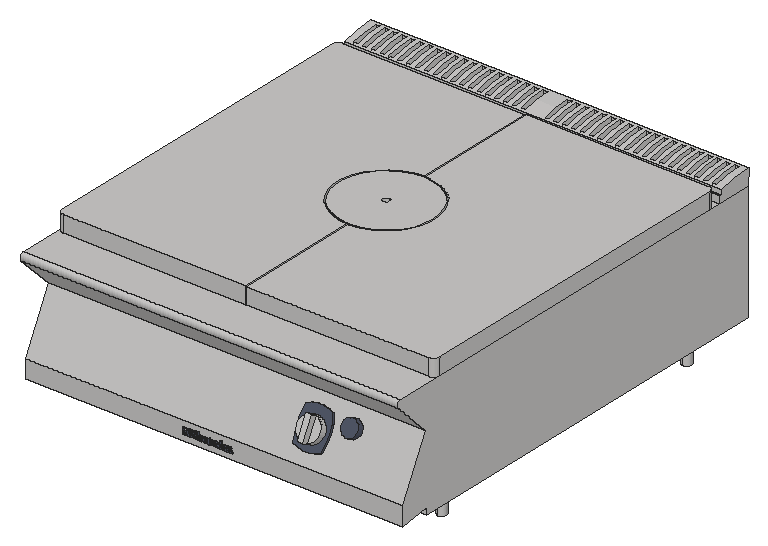
Revit family "QF_ELECTROLUXPROFESSIONAL_391018_E9STGH1000", category Specialty Equipment, Revit 2018
Family settings
  Round Connector Dimension = Use Diameter
  Part Type = Normal
  Work Plane-Based = No
  Always vertical = Yes
  Cut with Voids When Loaded = No
  Shared = No
  Room Calculation Point = No
Parameters
  Width = 800 mm  # constant formula
  Weight in Pounds = 92  # constant formula
  Watts = 0 W
  URL Cutsheet = "www.electrolux.com"
  URL = "www.electrolux.com"
  Type Mark [instance] = ""
  Status [instance] = ""
  Specification by User [instance] = ""
  Specification by Manufacturer = ""
  Show Logo [instance] = yes
  Show Clearance [instance] = yes
  Serial Number = ""
  Seismic Rating = ""
  SMACNA No = ""
  Revision Code [instance] = ""
  Omniclass Number and Title = ""
  NAFEM Spec ID Number = ""
  Model = "391018"
  Mechanical Remarks [instance] = ""
  Mechanical Connection Type [instance] = ""
  Masterspec = ""
  Manufacturer = "ELECTROLUX"
  Item Number [instance] = ""
  Installed By [instance] = ""
  Identify Quantity as Lot [instance] = yes
  Height = 250.8 mm  # constant formula
  HP = "0 HP"
  Gas Size = 12.7 mm  # 1/2"
  Gas RI Height [instance] = 0 mm
  Gas KW [instance] = 10.5  # constant formula
  Gas Input [instance] = 35794.5 Btu/h
  Gas Connection Height = 0 mm
  Furnished By [instance] = ""
  Foodservice Equipment Identifier [instance] = yes
  Direct Waste Size = 0"
  Description = "900XP GAS SOLID TOP - LPG/NATURAL GAS"
  Depth = 730 mm  # constant formula
  CSI MasterFormat = ""
  CSI Master Format = ""
  Assembly Code = ""
Reference planes
  plane 1 "BACK": y = 0
  plane 2: z = 0
  plane 3 "LEFT": x = 0
  plane 4 "RIGHT": x = 800
  plane 5 "FRONT": y = -930
  plane 6 "TOP": z = 303.188
  plane 7 "Center Y": x = 400
  plane 8 "Center X": y = -465
  plane 9 "Base Height": z = 23.813
  plane 10: z = 273.813
  plane 11: z = 309
  plane 12: y = -90
  plane 13: y = -831
  plane 14: y = -664
Forms (mm)
  Extrusion 1, solid, material "QF_Finishes_Stainless Steel"
    sketch origin (0, 0, 0) x (0, 1, 0) y (0, 0, 1)
      loop
        line (0, 23.813) -> (0, 273.813) -> (-921.5, 273.813)
        arc (-921.5, 273.813) -> (-929.472, 268.485) -> (-927.602, 259.081) r 8.63
        line (-927.602, 259.081) -> (-854.039, 185.518) -> (-915.962, 68.584) -> (-915.962, 30.163) -> (-855.839, 38.612)
        arc (-855.839, 38.612) -> (-853.314, 37.864) -> (-852.222, 35.468) r 3.175
        line (-852.222, 35.468) -> (-852.222, 23.813) -> (0, 23.813)
    from 0 to 800
  Extrusion 2, solid, material "QF_Finishes_Stainless Steel"
    sketch origin (0, 0, 0) x (0, 1, 0) y (0, 0, 1)
      loop
        line (0, 273.813) -> (0, 288.9) -> (-76.2, 288.9) -> (-76.2, 273.813) -> (0, 273.813)
    from 0 to 800
  Extrusion 3, solid, material "QF_Finishes_Stainless Steel"
    sketch origin (0, 0, 0) x (1, 0, 0) y (0, 1, 0)
      loop
        circle (11.112, -149.225) r 9.525
      loop
        circle (788.888, -149.225) r 9.525
      loop
        circle (11.112, -798.488) r 9.525
      loop
        circle (788.888, -798.488) r 9.525
    from 0 to 23.812
  Extrusion 4, solid, material "QF_Finishes_Stainless Steel"
    sketch origin (0, 0, 273.813) x (0, -1, 0) y (1, 0, 0)
      loop
        arc (90, 12.7) -> (93.72, 3.72) -> (102.7, 0) r 12.7
        line (102.7, 0) -> (818.3, 0)
        arc (818.3, 0) -> (827.28, 3.72) -> (831, 12.7) r 12.7
        line (831, 12.7) -> (831, 398.413) -> (563.181, 398.413)
        arc (563.181, 398.413) -> (459.918, 297.117) -> (356.811, 398.571) r 103.201
        line (356.811, 398.571) -> (90, 398.571) -> (90, 12.7)
      loop
        arc (831, 787.3) -> (827.28, 796.28) -> (818.3, 800) r 12.7
        line (818.3, 800) -> (102.7, 800)
        arc (102.7, 800) -> (93.72, 796.28) -> (90, 787.3) r 12.7
        line (90, 787.3) -> (90, 401.528) -> (356.813, 401.528)
        arc (356.813, 401.528) -> (460.121, 503.083) -> (563.194, 401.289) r 103.202
        line (563.194, 401.289) -> (831, 401.289) -> (831, 787.3)
      loop
        circle (460, 400) r 100
      loop
        circle (460, 400) r 7
    from 0 to 35.188
  Extrusion 5, void
    sketch origin (34.989, 0, 288.925) x (-1, 0, 0) y (0, -1, 0)
      loop
        line (-335.017, 6.761) -> (-335.017, 63.911) -> (-344.313, 63.911) -> (-344.313, 6.761) -> (-335.017, 6.761)
      loop
        line (-316.325, 6.761) -> (-316.325, 63.911) -> (-325.62, 63.911) -> (-325.62, 6.761) -> (-316.325, 6.761)
      loop
        line (-297.632, 6.761) -> (-297.632, 63.911) -> (-306.928, 63.911) -> (-306.928, 6.761) -> (-297.632, 6.761)
      loop
        line (-278.94, 6.761) -> (-278.94, 63.911) -> (-288.235, 63.911) -> (-288.235, 6.761) -> (-278.94, 6.761)
      loop
        line (-260.247, 6.761) -> (-260.247, 63.911) -> (-269.543, 63.911) -> (-269.543, 6.761) -> (-260.247, 6.761)
      loop
        line (-241.554, 6.761) -> (-241.554, 63.911) -> (-250.85, 63.911) -> (-250.85, 6.761) -> (-241.554, 6.761)
      loop
        line (-222.862, 6.761) -> (-222.862, 63.911) -> (-232.157, 63.911) -> (-232.157, 6.761) -> (-222.862, 6.761)
      loop
        line (-204.169, 6.761) -> (-204.169, 63.911) -> (-213.465, 63.911) -> (-213.465, 6.761) -> (-204.169, 6.761)
      loop
        line (-185.476, 6.761) -> (-185.476, 63.911) -> (-194.772, 63.911) -> (-194.772, 6.761) -> (-185.476, 6.761)
      loop
        line (-166.784, 6.761) -> (-166.784, 63.911) -> (-176.08, 63.911) -> (-176.08, 6.761) -> (-166.784, 6.761)
      loop
        line (-148.091, 6.761) -> (-148.091, 63.911) -> (-157.387, 63.911) -> (-157.387, 6.761) -> (-148.091, 6.761)
      loop
        line (-129.399, 6.761) -> (-129.399, 63.911) -> (-138.694, 63.911) -> (-138.694, 6.761) -> (-129.399, 6.761)
      loop
        line (-110.706, 6.761) -> (-110.706, 63.911) -> (-120.002, 63.911) -> (-120.002, 6.761) -> (-110.706, 6.761)
      loop
        line (-92.013, 6.761) -> (-92.013, 63.911) -> (-101.309, 63.911) -> (-101.309, 6.761) -> (-92.013, 6.761)
      loop
        line (-73.321, 6.761) -> (-73.321, 63.911) -> (-82.617, 63.911) -> (-82.617, 6.761) -> (-73.321, 6.761)
      loop
        line (-54.628, 6.761) -> (-54.628, 63.911) -> (-63.924, 63.911) -> (-63.924, 6.761) -> (-54.628, 6.761)
      loop
        line (-35.936, 6.761) -> (-35.936, 63.911) -> (-45.231, 63.911) -> (-45.231, 6.761) -> (-35.936, 6.761)
      loop
        line (-17.243, 6.761) -> (-17.243, 63.911) -> (-26.539, 63.911) -> (-26.539, 6.761) -> (-17.243, 6.761)
      loop
        line (1.45, 6.761) -> (1.45, 63.911) -> (-7.846, 63.911) -> (-7.846, 6.761) -> (1.45, 6.761)
      loop
        line (20.142, 6.761) -> (20.142, 63.911) -> (10.846, 63.911) -> (10.846, 6.761) -> (20.142, 6.761)
      loop
        line (-395.005, 6.761) -> (-385.709, 6.761) -> (-385.709, 63.911) -> (-395.005, 63.911) -> (-395.005, 6.761)
      loop
        line (-413.697, 6.761) -> (-404.401, 6.761) -> (-404.401, 63.911) -> (-413.697, 63.911) -> (-413.697, 6.761)
      loop
        line (-432.39, 6.761) -> (-423.094, 6.761) -> (-423.094, 63.911) -> (-432.39, 63.911) -> (-432.39, 6.761)
      loop
        line (-451.082, 6.761) -> (-441.787, 6.761) -> (-441.787, 63.911) -> (-451.082, 63.911) -> (-451.082, 6.761)
      loop
        line (-469.775, 6.761) -> (-460.479, 6.761) -> (-460.479, 63.911) -> (-469.775, 63.911) -> (-469.775, 6.761)
      loop
        line (-488.468, 6.761) -> (-479.172, 6.761) -> (-479.172, 63.911) -> (-488.468, 63.911) -> (-488.468, 6.761)
      loop
        line (-507.16, 6.761) -> (-497.864, 6.761) -> (-497.864, 63.911) -> (-507.16, 63.911) -> (-507.16, 6.761)
      loop
        line (-525.853, 6.761) -> (-516.557, 6.761) -> (-516.557, 63.911) -> (-525.853, 63.911) -> (-525.853, 6.761)
      loop
        line (-544.545, 6.761) -> (-535.25, 6.761) -> (-535.25, 63.911) -> (-544.545, 63.911) -> (-544.545, 6.761)
      loop
        line (-563.238, 6.761) -> (-553.942, 6.761) -> (-553.942, 63.911) -> (-563.238, 63.911) -> (-563.238, 6.761)
      loop
        line (-581.931, 6.761) -> (-572.635, 6.761) -> (-572.635, 63.911) -> (-581.931, 63.911) -> (-581.931, 6.761)
      loop
        line (-600.623, 6.761) -> (-591.328, 6.761) -> (-591.328, 63.911) -> (-600.623, 63.911) -> (-600.623, 6.761)
      loop
        line (-619.316, 6.761) -> (-610.02, 6.761) -> (-610.02, 63.911) -> (-619.316, 63.911) -> (-619.316, 6.761)
      loop
        line (-638.008, 6.761) -> (-628.713, 6.761) -> (-628.713, 63.911) -> (-638.008, 63.911) -> (-638.008, 6.761)
      loop
        line (-656.701, 6.761) -> (-647.405, 6.761) -> (-647.405, 63.911) -> (-656.701, 63.911) -> (-656.701, 6.761)
      loop
        line (-675.394, 6.761) -> (-666.098, 6.761) -> (-666.098, 63.911) -> (-675.394, 63.911) -> (-675.394, 6.761)
      loop
        line (-694.086, 6.761) -> (-684.791, 6.761) -> (-684.791, 63.911) -> (-694.086, 63.911) -> (-694.086, 6.761)
      loop
        line (-712.779, 6.761) -> (-703.483, 6.761) -> (-703.483, 63.911) -> (-712.779, 63.911) -> (-712.779, 6.761)
      loop
        line (-731.472, 6.761) -> (-722.176, 6.761) -> (-722.176, 63.911) -> (-731.472, 63.911) -> (-731.472, 6.761)
      loop
        line (-750.164, 6.761) -> (-740.868, 6.761) -> (-740.868, 63.911) -> (-750.164, 63.911) -> (-750.164, 6.761)
    from 4.268 to 45.348
  Extrusion 6, solid, material "QF_Finishes_Stainless Steel"
    sketch origin (0, 0, 14.288) x (0, 1, 0) y (0, 0, 1)
      loop
        line (0, 274.613) -> (0, 294.713)
        arc (0, 294.713) -> (-35.344, 292.192) -> (-69.85, 284.137) r 224.293
        line (-69.85, 284.137) -> (-69.85, 274.613) -> (0, 274.613)
    from 0 to 800
  Extrusion 7, solid, material "QF_Finishes_Navy Blue", visible <- "Show Logo"
    sketch origin (0, -915.962, 30.163) x (0, 0, 1) y (-1, 0, 0)
      loop
        line (26.177, -343.947) -> (13.81, -343.947)
        arc (13.81, -343.947) -> (19.993, -348.518) -> (26.177, -343.947) r 6.467
      loop
        arc (26.177, -343.318) -> (25.008, -338.175) -> (20.352, -335.697) r 6.338
        line (20.352, -335.697) -> (20.352, -337.743)
        arc (20.352, -337.743) -> (21.836, -341.398) -> (25.281, -343.318) r 5.941
        line (25.281, -343.318) -> (26.177, -343.318)
      loop
        arc (14.706, -343.318) -> (18.151, -341.398) -> (19.635, -337.743) r 5.941
        line (19.635, -337.743) -> (19.635, -335.697)
        arc (19.635, -335.697) -> (14.941, -338.171) -> (13.651, -343.318) r 6.504
        line (13.651, -343.318) -> (14.706, -343.318)
      loop
        line (26.852, -335.228) -> (13.107, -335.228) -> (13.107, -348.991) -> (26.852, -348.991) -> (26.852, -335.228)
      loop
        arc (26.935, -351.958) -> (26.587, -351.601) -> (26.221, -351.939) r 0.358
        arc (26.221, -351.939) -> (25.906, -352.689) -> (25.189, -353.074) r 1.216
        line (25.189, -353.074) -> (14.777, -353.074)
        arc (14.777, -353.074) -> (14.117, -352.796) -> (13.721, -352.2) r 1.238
        arc (13.721, -352.2) -> (13.326, -351.949) -> (13.021, -352.303) r 0.358
        line (13.021, -352.303) -> (13.021, -362.182) -> (15.772, -362.182) -> (15.772, -361.285)
        arc (15.772, -361.285) -> (14.862, -360.705) -> (14.407, -359.728) r 1.928
        line (14.407, -359.728) -> (14.407, -357.229)
        arc (14.407, -357.229) -> (14.682, -356.5) -> (15.371, -356.136) r 1.101
        line (15.371, -356.136) -> (19.457, -356.136) -> (19.457, -359.809)
        arc (19.457, -359.809) -> (19.105, -360.307) -> (18.54, -360.534) r 1.083
        arc (18.54, -360.534) -> (18.276, -360.84) -> (18.568, -361.118) r 0.292
        line (18.568, -361.118) -> (21.53, -361.118)
        arc (21.53, -361.118) -> (21.833, -360.845) -> (21.595, -360.515) r 0.305
        arc (21.595, -360.515) -> (21.104, -360.267) -> (20.799, -359.809) r 1.083
        line (20.799, -359.809) -> (20.799, -356.136) -> (25.476, -356.136) -> (25.476, -359.883)
        arc (25.476, -359.883) -> (25.262, -360.639) -> (24.656, -361.137) r 1.314
        arc (24.656, -361.137) -> (24.436, -361.541) -> (24.791, -361.833) r 0.361
        line (24.791, -361.833) -> (26.935, -361.833) -> (26.935, -351.958)
      loop
        arc (26.218, -362.614) -> (25.837, -363.533) -> (24.919, -363.913) r 1.299
        line (24.919, -363.913) -> (15.34, -363.913)
        arc (15.34, -363.913) -> (14.502, -363.535) -> (14.23, -362.657) r 1.118
        line (14.23, -362.657) -> (13.021, -362.657) -> (13.021, -368.007) -> (14.209, -368.007)
        arc (14.209, -368.007) -> (14.481, -367.09) -> (15.351, -366.694) r 1.153
        line (15.351, -366.694) -> (27.423, -366.694) -> (26.218, -362.614)
      loop
        line (17.986, -370.643) -> (17.986, -377.091) -> (18.785, -377.091)
        arc (18.785, -377.091) -> (21.365, -376.106) -> (22.634, -373.652) r 3.874
        line (22.634, -373.652) -> (22.634, -371.892)
        arc (22.634, -371.892) -> (21.447, -369.027) -> (18.583, -367.841) r 4.051
        line (18.583, -367.841) -> (16.575, -367.841)
        arc (16.575, -367.841) -> (13.756, -369.326) -> (12.704, -372.333) r 4.352
        arc (12.704, -372.333) -> (13.069, -374.796) -> (14.446, -376.87) r 5.713
        line (14.446, -376.87) -> (15.395, -376.87)
        arc (15.395, -376.87) -> (14.663, -375.301) -> (14.446, -373.583) r 5.579
        arc (14.446, -373.583) -> (15.24, -371.62) -> (17.119, -370.643) r 3.057
        line (17.119, -370.643) -> (17.986, -370.643)
      loop
        line (19.245, -370.643) -> (19.245, -374.225)
        arc (19.245, -374.225) -> (20.702, -374.272) -> (21.585, -373.113) r 1.59
        line (21.585, -373.113) -> (21.585, -372.283)
        arc (21.585, -372.283) -> (20.72, -371.028) -> (19.245, -370.643) r 2.184
      loop
        arc (22.036, -386.508) -> (22.525, -384.834) -> (22.682, -383.097) r 9.023
        line (22.682, -383.097) -> (22.682, -381.735)
        arc (22.682, -381.735) -> (21.523, -378.935) -> (18.723, -377.776) r 3.959
        line (18.723, -377.776) -> (16.123, -377.776)
        arc (16.123, -377.776) -> (13.841, -379.068) -> (12.724, -381.441) r 4.331
        line (12.724, -381.441) -> (12.724, -383.576)
        arc (12.724, -383.576) -> (13.232, -385.126) -> (14.153, -386.472) r 5.772
        arc (14.153, -386.472) -> (14.915, -386.523) -> (15.002, -385.764) r 0.553
        arc (15.002, -385.764) -> (14.614, -385.03) -> (14.48, -384.211) r 2.573
        line (14.48, -384.211) -> (14.48, -382.696)
        arc (14.48, -382.696) -> (15.486, -381.054) -> (17.301, -380.412) r 2.884
        line (17.301, -380.412) -> (18.579, -380.412)
        arc (18.579, -380.412) -> (20.401, -380.972) -> (21.327, -382.637) r 2.554
        line (21.327, -382.637) -> (21.327, -383.69)
        arc (21.327, -383.69) -> (20.996, -384.618) -> (20.339, -385.353) r 2.564
        arc (20.339, -385.353) -> (20.117, -386.07) -> (20.726, -386.508) r 0.643
        line (20.726, -386.508) -> (22.036, -386.508)
      loop
        line (21.017, -386.778) -> (21.017, -388.279) -> (14.97, -388.279)
        arc (14.97, -388.279) -> (13.381, -388.937) -> (12.724, -390.525) r 2.246
        line (12.724, -390.525) -> (12.724, -392.109)
        arc (12.724, -392.109) -> (13.038, -392.973) -> (13.538, -393.745) r 4.06
        arc (13.538, -393.745) -> (14.271, -393.878) -> (14.522, -393.177) r 0.576
        arc (14.522, -393.177) -> (14.416, -392.651) -> (14.48, -392.119) r 1.69
        arc (14.48, -392.119) -> (15.021, -391.331) -> (15.928, -391.028) r 1.506
        line (15.928, -391.028) -> (21.066, -391.028) -> (21.066, -393.425) -> (21.622, -393.981) -> (22.444, -393.981) -> (22.444, -391.122) -> (25.675, -391.122) -> (21.017, -386.778)
      loop
        line (12.941, -394.879) -> (12.941, -400.266) -> (14.051, -400.266)
        arc (14.051, -400.266) -> (14.445, -399.315) -> (15.396, -398.921) r 1.345
        line (15.396, -398.921) -> (19.012, -398.921)
        arc (19.012, -398.921) -> (19.777, -399.513) -> (20.066, -400.435) r 1.615
        line (20.066, -400.435) -> (20.066, -401.991) -> (22.622, -402.676) -> (22.622, -401.293) -> (20.679, -398.734) -> (22.56, -398.734) -> (22.276, -396.028)
        arc (22.276, -396.028) -> (21.836, -395.498) -> (21.177, -395.699) r 0.621
        arc (21.177, -395.699) -> (20.777, -396.041) -> (20.283, -396.224) r 1.501
        line (20.283, -396.224) -> (15.396, -396.224)
        arc (15.396, -396.224) -> (14.445, -395.83) -> (14.051, -394.879) r 1.345
        line (14.051, -394.879) -> (12.941, -394.879)
      loop
        line (19.043, -402.213) -> (16.351, -402.213)
        arc (16.351, -402.213) -> (13.905, -403.521) -> (12.772, -406.051) r 4.288
        arc (12.772, -406.051) -> (12.708, -407.432) -> (12.772, -408.812) r 15.022
        arc (12.772, -408.812) -> (13.905, -411.343) -> (16.351, -412.65) r 4.288
        line (16.351, -412.65) -> (19.043, -412.65)
        arc (19.043, -412.65) -> (21.488, -411.343) -> (22.622, -408.812) r 4.288
        arc (22.622, -408.812) -> (22.686, -407.432) -> (22.622, -406.051) r 15.022
        arc (22.622, -406.051) -> (21.488, -403.521) -> (19.043, -402.213) r 4.288
      loop
        line (19.248, -405.327) -> (16.146, -405.327)
        arc (16.146, -405.327) -> (13.989, -407.484) -> (16.146, -409.641) r 2.157
        line (16.146, -409.641) -> (19.248, -409.641)
        arc (19.248, -409.641) -> (21.405, -407.484) -> (19.248, -405.327) r 2.157
      loop
        arc (26.229, -412.508) -> (25.858, -413.402) -> (24.964, -413.773) r 1.264
        line (24.964, -413.773) -> (15.1, -413.773)
        arc (15.1, -413.773) -> (14.23, -413.376) -> (13.958, -412.46) r 1.153
        line (13.958, -412.46) -> (13.021, -412.46) -> (13.021, -417.568) -> (13.949, -417.568)
        arc (13.949, -417.568) -> (14.308, -416.796) -> (15.1, -416.481) r 1.153
        line (15.1, -416.481) -> (27.423, -416.481) -> (26.229, -412.508)
      loop
        arc (21.349, -417.106) -> (21.15, -418.17) -> (20.181, -418.652) r 1.215
        line (20.181, -418.652) -> (15.161, -418.652)
        arc (15.161, -418.652) -> (13.546, -419.299) -> (12.825, -420.882) r 2.338
        line (12.825, -420.882) -> (12.825, -422.397)
        arc (12.825, -422.397) -> (13, -423.401) -> (13.502, -424.287) r 2.979
        line (13.502, -424.287) -> (13.021, -426.084) -> (13.021, -427.772) -> (22.446, -427.772) -> (22.152, -423.569) -> (21.366, -423.569)
        arc (21.366, -423.569) -> (21.01, -424.405) -> (20.258, -424.914) r 1.605
        line (20.258, -424.914) -> (15.155, -424.914)
        arc (15.155, -424.914) -> (14.735, -423.977) -> (14.662, -422.953) r 2.94
        arc (14.662, -422.953) -> (15.223, -421.852) -> (16.376, -421.409) r 1.724
        line (16.376, -421.409) -> (22.573, -421.409) -> (21.349, -417.106)
      loop
        line (22.377, -428.626) -> (20.705, -430.672) -> (17.531, -432.978) -> (14.075, -429.866)
        arc (14.075, -429.866) -> (13.837, -429.472) -> (13.86, -429.013) r 0.789
        line (13.86, -429.013) -> (13.021, -429.013) -> (13.021, -432.558) -> (13.847, -432.558)
        arc (13.847, -432.558) -> (14.189, -432.196) -> (14.679, -432.288) r 0.52
        line (14.679, -432.288) -> (16.479, -433.759) -> (14.361, -435.135)
        arc (14.361, -435.135) -> (13.96, -434.825) -> (13.873, -434.325) r 0.7
        line (13.873, -434.325) -> (13.021, -434.325) -> (13.021, -440.252) -> (13.907, -440.252)
        arc (13.907, -440.252) -> (13.974, -439.593) -> (14.369, -439.062) r 1.247
        line (14.369, -439.062) -> (18.569, -435.781) -> (21.016, -437.834) -> (22.377, -439.576) -> (22.377, -435.852) -> (20.892, -436.275) -> (19.371, -434.998) -> (21.071, -433.808) -> (22.377, -434.584) -> (22.377, -428.626)
    from 0 to 1.644
  Extrusion 8, solid, material "QF_Finishes_Navy Blue"
    sketch origin (0, -854.039, 185.518) x (0, -0.467993, -0.883732) y (1, 0, 0)
      loop
        arc (29.283, 558.214) -> (64.531, 552.935) -> (99.866, 557.596) r 127.782
        arc (99.866, 557.596) -> (106.766, 586.784) -> (99.866, 615.972) r 65.183
        arc (99.866, 615.972) -> (64.482, 622.659) -> (29.283, 615.066) r 90.797
        arc (29.283, 615.066) -> (22.72, 586.64) -> (29.283, 558.214) r 64.846
    from 0 to 3.175
  Extrusion 9, solid, material "QF_Finishes_Stainless Steel"
    sketch origin (0, -856.845, 187.004) x (0, -0.467993, -0.883732) y (1, 0, 0)
      loop
        circle (66.843, 587.162) r 25.4
    from 0 to 12.7
  Extrusion 10, solid, material "QF_Finishes_Stainless Steel"
    sketch origin (0, -868.068, 192.947) x (0, -0.467993, -0.883732) y (1, 0, 0)
      loop
        arc (91.575, 581.376) -> (92.243, 587.162) -> (91.575, 592.948) r 25.4
        line (91.575, 592.948) -> (42.111, 592.948)
        arc (42.111, 592.948) -> (41.443, 587.162) -> (42.111, 581.376) r 25.4
        line (42.111, 581.376) -> (91.575, 581.376)
    from 0 to 12.7
  Extrusion 11, solid, material "QF_Finishes_Navy Blue"
    sketch origin (0, -854.039, 185.518) x (0, -0.467993, -0.883732) y (1, 0, 0)
      loop
        circle (41.434, 662.183) r 17.78
    from 0 to 12.7
  Extrusion 12, solid, material "QF_Clearances", visible <- "Show Clearance", detail levels coarse
    sketch origin (0, 0, 0) x (1, 0, 0) y (0, 1, 0)
      loop
        line (0, -930) -> (0, 0) -> (800, 0) -> (800, -930) -> (900, -930) -> (900, 100) -> (-100, 100) -> (-100, -930) -> (0, -930)
    from 0 to 331.787
  Extrusion 13, solid
    sketch origin (0, -852.222, 23.813) x (1, 0, 0) y (0, -1, 0)
      loop
        circle (748, -188.222) r 6.4
    from 0 to 20
Cuts and joins
  Extrusion 5 cuts Extrusion 1
  Extrusion 5 cuts Extrusion 6
  joined: Extrusion 2, Extrusion 6
Lines and regions (mm)
  symbolic lines
    curve 1: line (0, -930.129, 0) -> (800, -930.129, 0)
    curve 2: line (0, 0, 0) -> (0, -930.129, 0)
    curve 3: line (800, 0, 0) -> (0, 0, 0)
    curve 4: line (800, -930.129, 0) -> (800, 0, 0)
    curve 5: arc (787.3, -831, 0) -> (796.28, -827.28, 0) -> (800, -818.3, 0) r 12.7
    curve 6: line (800, -818.3, 0) -> (800, -102.7, 0)
    curve 7: arc (800, -102.7, 0) -> (796.28, -93.72, 0) -> (787.3, -90, 0) r 12.7
    curve 8: line (787.3, -90, 0) -> (401.528, -90, 0)
    curve 9: line (401.528, -90, 0) -> (401.528, -356.813, 0)
    curve 10: arc (401.528, -356.813, 0) -> (503.083, -460.121, 0) -> (401.289, -563.194, 0) r 103.202
    curve 11: line (401.289, -563.194, 0) -> (401.289, -831, 0)
    curve 12: line (401.289, -831, 0) -> (787.3, -831, 0)
    curve 13: arc (400, -560, 0) -> (500, -460, 0) -> (400, -360, 0) r 100
    curve 14: arc (400, -360, 0) -> (300, -460, 0) -> (400, -560, 0) r 100
    curve 15: arc (398.413, -563.181, 0) -> (297.117, -459.918, 0) -> (398.571, -356.811, 0) r 103.201
    curve 16: line (398.571, -356.811, 0) -> (398.571, -90, 0)
    curve 17: line (398.571, -90, 0) -> (12.7, -90, 0)
    curve 18: arc (12.7, -90, 0) -> (3.72, -93.72, 0) -> (0, -102.7, 0) r 12.7
    curve 19: line (0, -102.7, 0) -> (0, -818.3, 0)
    curve 20: arc (0, -818.3, 0) -> (3.72, -827.28, 0) -> (12.7, -831, 0) r 12.7
    curve 21: line (12.7, -831, 0) -> (398.413, -831, 0)
    curve 22: line (398.413, -831, 0) -> (398.413, -563.181, 0)
    curve 23: arc (400, -453, 0) -> (407, -460, 0) -> (400, -467, 0) r 7
    curve 24: arc (400, -467, 0) -> (393, -460, 0) -> (400, -453, 0) r 7
    curve 25: line (0, -76.2, 0) -> (800, -76.2, 0)
    curve 26: line (0, -69.85, 0) -> (800, -69.85, 0)
    curve 27: line (14.847, -63.911, 0) -> (14.847, -6.761, 0)
    curve 28: line (14.847, -6.761, 0) -> (24.143, -6.761, 0)
    curve 29: line (24.143, -6.761, 0) -> (24.143, -63.911, 0)
    curve 30: line (24.143, -63.911, 0) -> (14.847, -63.911, 0)
    curve 31: line (33.539, -63.911, 0) -> (33.539, -6.761, 0)
    curve 32: line (33.539, -6.761, 0) -> (42.835, -6.761, 0)
    curve 33: line (42.835, -6.761, 0) -> (42.835, -63.911, 0)
    curve 34: line (42.835, -63.911, 0) -> (33.539, -63.911, 0)
    curve 35: line (52.232, -63.911, 0) -> (52.232, -6.761, 0)
    curve 36: line (52.232, -6.761, 0) -> (61.528, -6.761, 0)
    curve 37: line (61.528, -6.761, 0) -> (61.528, -63.911, 0)
    curve 38: line (61.528, -63.911, 0) -> (52.232, -63.911, 0)
    curve 39: line (70.925, -63.911, 0) -> (70.925, -6.761, 0)
    curve 40: line (70.925, -6.761, 0) -> (80.22, -6.761, 0)
    curve 41: line (80.22, -6.761, 0) -> (80.22, -63.911, 0)
    curve 42: line (80.22, -63.911, 0) -> (70.925, -63.911, 0)
    curve 43: line (89.617, -63.911, 0) -> (89.617, -6.761, 0)
    curve 44: line (89.617, -6.761, 0) -> (98.913, -6.761, 0)
    curve 45: line (98.913, -6.761, 0) -> (98.913, -63.911, 0)
    curve 46: line (98.913, -63.911, 0) -> (89.617, -63.911, 0)
    curve 47: line (108.31, -63.911, 0) -> (108.31, -6.761, 0)
    curve 48: line (108.31, -6.761, 0) -> (117.606, -6.761, 0)
    curve 49: line (117.606, -6.761, 0) -> (117.606, -63.911, 0)
    curve 50: line (117.606, -63.911, 0) -> (108.31, -63.911, 0)
    curve 51: line (127.002, -63.911, 0) -> (127.002, -6.761, 0)
    curve 52: line (127.002, -6.761, 0) -> (136.298, -6.761, 0)
    curve 53: line (136.298, -6.761, 0) -> (136.298, -63.911, 0)
    curve 54: line (136.298, -63.911, 0) -> (127.002, -63.911, 0)
    curve 55: line (145.695, -63.911, 0) -> (145.695, -6.761, 0)
    curve 56: line (145.695, -6.761, 0) -> (154.991, -6.761, 0)
    curve 57: line (154.991, -6.761, 0) -> (154.991, -63.911, 0)
    curve 58: line (154.991, -63.911, 0) -> (145.695, -63.911, 0)
    curve 59: line (164.388, -63.911, 0) -> (164.388, -6.761, 0)
    curve 60: line (164.388, -6.761, 0) -> (173.683, -6.761, 0)
    curve 61: line (173.683, -6.761, 0) -> (173.683, -63.911, 0)
    curve 62: line (173.683, -63.911, 0) -> (164.388, -63.911, 0)
    curve 63: line (183.08, -63.911, 0) -> (183.08, -6.761, 0)
    curve 64: line (183.08, -6.761, 0) -> (192.376, -6.761, 0)
    curve 65: line (192.376, -6.761, 0) -> (192.376, -63.911, 0)
    curve 66: line (192.376, -63.911, 0) -> (183.08, -63.911, 0)
    curve 67: line (201.773, -63.911, 0) -> (201.773, -6.761, 0)
    curve 68: line (201.773, -6.761, 0) -> (211.069, -6.761, 0)
    curve 69: line (211.069, -6.761, 0) -> (211.069, -63.911, 0)
    curve 70: line (211.069, -63.911, 0) -> (201.773, -63.911, 0)
    curve 71: line (220.466, -63.911, 0) -> (220.466, -6.761, 0)
    curve 72: line (220.466, -6.761, 0) -> (229.761, -6.761, 0)
    curve 73: line (229.761, -6.761, 0) -> (229.761, -63.911, 0)
    curve 74: line (229.761, -63.911, 0) -> (220.466, -63.911, 0)
    curve 75: line (239.158, -63.911, 0) -> (239.158, -6.761, 0)
    curve 76: line (239.158, -6.761, 0) -> (248.454, -6.761, 0)
    curve 77: line (248.454, -6.761, 0) -> (248.454, -63.911, 0)
    curve 78: line (248.454, -63.911, 0) -> (239.158, -63.911, 0)
    curve 79: line (420.698, -63.911, 0) -> (420.698, -6.761, 0)
    curve 80: line (420.698, -6.761, 0) -> (429.994, -6.761, 0)
    curve 81: line (429.994, -6.761, 0) -> (429.994, -63.911, 0)
    curve 82: line (429.994, -63.911, 0) -> (420.698, -63.911, 0)
    curve 83: line (370.006, -63.911, 0) -> (370.006, -6.761, 0)
    curve 84: line (370.006, -6.761, 0) -> (379.302, -6.761, 0)
    curve 85: line (379.302, -6.761, 0) -> (379.302, -63.911, 0)
    curve 86: line (379.302, -63.911, 0) -> (370.006, -63.911, 0)
    curve 87: line (351.314, -63.911, 0) -> (351.314, -6.761, 0)
    curve 88: line (351.314, -6.761, 0) -> (360.61, -6.761, 0)
    curve 89: line (360.61, -6.761, 0) -> (360.61, -63.911, 0)
    curve 90: line (360.61, -63.911, 0) -> (351.314, -63.911, 0)
    curve 91: line (332.621, -63.911, 0) -> (332.621, -6.761, 0)
    curve 92: line (332.621, -6.761, 0) -> (341.917, -6.761, 0)
    curve 93: line (341.917, -6.761, 0) -> (341.917, -63.911, 0)
    curve 94: line (341.917, -63.911, 0) -> (332.621, -63.911, 0)
    curve 95: line (313.929, -63.911, 0) -> (313.929, -6.761, 0)
    curve 96: line (313.929, -6.761, 0) -> (323.224, -6.761, 0)
    curve 97: line (323.224, -6.761, 0) -> (323.224, -63.911, 0)
    curve 98: line (323.224, -63.911, 0) -> (313.929, -63.911, 0)
    curve 99: line (295.236, -63.911, 0) -> (295.236, -6.761, 0)
    curve 100: line (295.236, -6.761, 0) -> (304.532, -6.761, 0)
    curve 101: line (304.532, -6.761, 0) -> (304.532, -63.911, 0)
    curve 102: line (304.532, -63.911, 0) -> (295.236, -63.911, 0)
    curve 103: line (276.543, -63.911, 0) -> (276.543, -6.761, 0)
    curve 104: line (276.543, -6.761, 0) -> (285.839, -6.761, 0)
    curve 105: line (285.839, -6.761, 0) -> (285.839, -63.911, 0)
    curve 106: line (285.839, -63.911, 0) -> (276.543, -63.911, 0)
    curve 107: line (257.851, -63.911, 0) -> (257.851, -6.761, 0)
    curve 108: line (257.851, -6.761, 0) -> (267.146, -6.761, 0)
    curve 109: line (267.146, -6.761, 0) -> (267.146, -63.911, 0)
    curve 110: line (267.146, -63.911, 0) -> (257.851, -63.911, 0)
    curve 111: line (439.39, -63.911, 0) -> (439.39, -6.761, 0)
    curve 112: line (439.39, -6.761, 0) -> (448.686, -6.761, 0)
    curve 113: line (448.686, -6.761, 0) -> (448.686, -63.911, 0)
    curve 114: line (448.686, -63.911, 0) -> (439.39, -63.911, 0)
    curve 115: line (458.083, -63.911, 0) -> (458.083, -6.761, 0)
    curve 116: line (458.083, -6.761, 0) -> (467.379, -6.761, 0)
    curve 117: line (467.379, -6.761, 0) -> (467.379, -63.911, 0)
    curve 118: line (467.379, -63.911, 0) -> (458.083, -63.911, 0)
    curve 119: line (476.776, -63.911, 0) -> (476.776, -6.761, 0)
    curve 120: line (476.776, -6.761, 0) -> (486.071, -6.761, 0)
    curve 121: line (486.071, -6.761, 0) -> (486.071, -63.911, 0)
    curve 122: line (486.071, -63.911, 0) -> (476.776, -63.911, 0)
    curve 123: line (495.468, -63.911, 0) -> (495.468, -6.761, 0)
    curve 124: line (495.468, -6.761, 0) -> (504.764, -6.761, 0)
    curve 125: line (504.764, -6.761, 0) -> (504.764, -63.911, 0)
    curve 126: line (504.764, -63.911, 0) -> (495.468, -63.911, 0)
    curve 127: line (514.161, -63.911, 0) -> (514.161, -6.761, 0)
    curve 128: line (514.161, -6.761, 0) -> (523.457, -6.761, 0)
    curve 129: line (523.457, -6.761, 0) -> (523.457, -63.911, 0)
    curve 130: line (523.457, -63.911, 0) -> (514.161, -63.911, 0)
    curve 131: line (532.854, -63.911, 0) -> (532.854, -6.761, 0)
    curve 132: line (532.854, -6.761, 0) -> (542.149, -6.761, 0)
    curve 133: line (542.149, -6.761, 0) -> (542.149, -63.911, 0)
    curve 134: line (542.149, -63.911, 0) -> (532.854, -63.911, 0)
    curve 135: line (551.546, -63.911, 0) -> (551.546, -6.761, 0)
    curve 136: line (551.546, -6.761, 0) -> (560.842, -6.761, 0)
    curve 137: line (560.842, -6.761, 0) -> (560.842, -63.911, 0)
    curve 138: line (560.842, -63.911, 0) -> (551.546, -63.911, 0)
    curve 139: line (570.239, -63.911, 0) -> (570.239, -6.761, 0)
    curve 140: line (570.239, -6.761, 0) -> (579.534, -6.761, 0)
    curve 141: line (579.534, -6.761, 0) -> (579.534, -63.911, 0)
    curve 142: line (579.534, -63.911, 0) -> (570.239, -63.911, 0)
    curve 143: line (588.931, -63.911, 0) -> (588.931, -6.761, 0)
    curve 144: line (588.931, -6.761, 0) -> (598.227, -6.761, 0)
    curve 145: line (598.227, -6.761, 0) -> (598.227, -63.911, 0)
    curve 146: line (598.227, -63.911, 0) -> (588.931, -63.911, 0)
    curve 147: line (607.624, -63.911, 0) -> (607.624, -6.761, 0)
    curve 148: line (607.624, -6.761, 0) -> (616.92, -6.761, 0)
    curve 149: line (616.92, -6.761, 0) -> (616.92, -63.911, 0)
    curve 150: line (616.92, -63.911, 0) -> (607.624, -63.911, 0)
    curve 151: line (626.317, -63.911, 0) -> (626.317, -6.761, 0)
    curve 152: line (626.317, -6.761, 0) -> (635.612, -6.761, 0)
    curve 153: line (635.612, -6.761, 0) -> (635.612, -63.911, 0)
    curve 154: line (635.612, -63.911, 0) -> (626.317, -63.911, 0)
    curve 155: line (645.009, -63.911, 0) -> (645.009, -6.761, 0)
    curve 156: line (645.009, -6.761, 0) -> (654.305, -6.761, 0)
    curve 157: line (654.305, -6.761, 0) -> (654.305, -63.911, 0)
    curve 158: line (654.305, -63.911, 0) -> (645.009, -63.911, 0)
    curve 159: line (663.702, -63.911, 0) -> (663.702, -6.761, 0)
    curve 160: line (663.702, -6.761, 0) -> (672.998, -6.761, 0)
    curve 161: line (672.998, -6.761, 0) -> (672.998, -63.911, 0)
    curve 162: line (672.998, -63.911, 0) -> (663.702, -63.911, 0)
    curve 163: line (682.394, -63.911, 0) -> (682.394, -6.761, 0)
    curve 164: line (682.394, -6.761, 0) -> (691.69, -6.761, 0)
    curve 165: line (691.69, -6.761, 0) -> (691.69, -63.911, 0)
    curve 166: line (691.69, -63.911, 0) -> (682.394, -63.911, 0)
    curve 167: line (701.087, -63.911, 0) -> (701.087, -6.761, 0)
    curve 168: line (701.087, -6.761, 0) -> (710.383, -6.761, 0)
    curve 169: line (710.383, -6.761, 0) -> (710.383, -63.911, 0)
    curve 170: line (710.383, -63.911, 0) -> (701.087, -63.911, 0)
    curve 171: line (719.78, -63.911, 0) -> (719.78, -6.761, 0)
    curve 172: line (719.78, -6.761, 0) -> (729.075, -6.761, 0)
    curve 173: line (729.075, -6.761, 0) -> (729.075, -63.911, 0)
    curve 174: line (729.075, -63.911, 0) -> (719.78, -63.911, 0)
    curve 175: line (738.472, -63.911, 0) -> (738.472, -6.761, 0)
    curve 176: line (738.472, -6.761, 0) -> (747.768, -6.761, 0)
    curve 177: line (747.768, -6.761, 0) -> (747.768, -63.911, 0)
    curve 178: line (747.768, -63.911, 0) -> (738.472, -63.911, 0)
    curve 179: line (757.165, -63.911, 0) -> (757.165, -6.761, 0)
    curve 180: line (757.165, -6.761, 0) -> (766.461, -6.761, 0)
    curve 181: line (766.461, -6.761, 0) -> (766.461, -63.911, 0)
    curve 182: line (766.461, -63.911, 0) -> (757.165, -63.911, 0)
    curve 183: line (775.857, -63.911, 0) -> (775.857, -6.761, 0)
    curve 184: line (775.857, -6.761, 0) -> (785.153, -6.761, 0)
    curve 185: line (785.153, -6.761, 0) -> (785.153, -63.911, 0)
    curve 186: line (785.153, -63.911, 0) -> (775.857, -63.911, 0)
    curve 187: line (0, -915.962, 0) -> (800, -915.962, 0)
  symbolic lines, style "QF_Clearances", visible <- "Show Clearance", detail levels coarse
    curve 188: line (-100, -930, 0) -> (-100, 100, 0)
    curve 189: line (-100, 100, 0) -> (900, 100, 0)
    curve 190: line (900, 100, 0) -> (900, -930, 0)
Dimensions and locks
  equal spacing: plane 3 "LEFT", plane 7 "Center Y", plane 4 "RIGHT"
  plane 3 "LEFT" to plane 4 "RIGHT" = 800 mm
  equal spacing: plane 5 "FRONT", plane 8 "Center X", plane 1 "BACK"
  plane 5 "FRONT" to plane 1 "BACK" = 930 mm  (x2)
  plane 9 "Base Height" to level = 23.812 mm
  plane 10 to plane 9 "Base Height" = 250 mm
  plane 6 "TOP" to plane 10 = 29.375 mm
  plane 11 to level = 309 mm
  plane 11 to plane 2 = 309 mm  (x2)
  plane 9 "Base Height" to plane 2 = 23.813 mm
  Extrusion 4 to cut or joined group of Extrusion 1, Extrusion 5 = 285.187 mm
  plane 12 to plane 1 "BACK" = 90 mm
  plane 13 to plane 12 = 741 mm
  cut or joined group of Extrusion 1, Extrusion 5 to plane 10 = 250 mm
  plane 11 to plane 10 = 35.187 mm
  Extrusion 13 sketch curve to plane 1 "BACK" = 664 mm
  Extrusion 13 sketch curve to plane 4 "RIGHT" = 52 mm
  plane 14 to plane 1 "BACK" = 664 mm
  Extrusion 13 to plane 9 "Base Height" = 20 mm
  aligned and locked: level to plane 2
Automatic sketch dimensions
  Extrusion 1 sketch curve to plane 10 = 0 mm
  Extrusion 1 sketch curve to plane 9 "Base Height" = 0 mm
  Extrusion 1 sketch curve to plane 1 "BACK" = 0 mm
  Extrusion 1 sketch curve to Extrusion 1 sketch curve = 3.175 mm
  Extrusion 1 sketch curve to Extrusion 1 sketch curve = 0.442 mm
  plane 9 "Base Height" to Extrusion 1 sketch curve = 6.35 mm
  Extrusion 1 sketch curve to plane 5 "FRONT" = 14.038 mm
  Extrusion 1 sketch curve to plane 5 "FRONT" = 8.5 mm
  Extrusion 1 sketch curve to plane 5 "FRONT" = 2.398 mm
  plane 9 "Base Height" to Extrusion 1 sketch curve = 11.656 mm
  Extrusion 1 sketch curve to Extrusion 1 sketch curve = 38.422 mm
  Extrusion 1 sketch curve to plane 10 = 88.295 mm
  Extrusion 1 sketch curve to plane 10 = 14.732 mm
  Extrusion 2 sketch curve to plane 10 = 0 mm
  Extrusion 2 sketch curve to plane 1 "BACK" = 0 mm
  Extrusion 2 sketch curve to plane 6 "TOP" = 14.287 mm
  plane 3 "LEFT" to Extrusion 3 sketch curve = 11.112 mm  (x2)
  Extrusion 3 sketch curve to plane 4 "RIGHT" = 11.112 mm  (x2)
  Extrusion 3 sketch curve to Extrusion 3 sketch curve = 9.525 mm  (x4)
  Extrusion 5 sketch curve to plane 4 "RIGHT" = 14.847 mm
  Extrusion 5 sketch curve to Extrusion 5 sketch curve = 9.296 mm  (x40)
  Extrusion 5 sketch curve to Extrusion 5 sketch curve = 9.397 mm  (x38)
  Extrusion 5 sketch curve to plane 7 "Center Y" = 20.698 mm
  plane 1 "BACK" to Extrusion 5 sketch curve = 6.761 mm  (x40)
  Extrusion 6 sketch curve to plane 1 "BACK" = 0 mm
  Extrusion 6 sketch curve to plane 11 = 0 mm
  plane 1 "BACK" to Extrusion 6 sketch curve = 1.769 mm
  Extrusion 6 sketch curve to plane 6 "TOP" = 4.763 mm
  Extrusion 6 sketch curve to Extrusion 6 sketch curve = 9.525 mm
  Extrusion 1 sketch curve to Extrusion 1 sketch curve = 60.124 mm
  Extrusion 1 sketch curve to plane 5 "FRONT" = 75.961 mm
  plane 1 "BACK" to Extrusion 2 sketch curve = 76.2 mm
  Extrusion 3 sketch curve to Extrusion 3 sketch curve = 0 mm  (x4)
  Extrusion 3 sketch curve to plane 5 "FRONT" = 121.987 mm  (x2)
  plane 1 "BACK" to Extrusion 3 sketch curve = 158.75 mm  (x2)
  Extrusion 5 sketch curve to Extrusion 5 sketch curve = 57.15 mm  (x2)
  Extrusion 5 sketch curve to Extrusion 5 sketch curve = 0 mm  (x38)
  plane 1 "BACK" to Extrusion 6 sketch curve = 69.85 mm
  plane 5 "FRONT" to Extrusion 12 sketch curve = 0 mm  (x2)
  Extrusion 12 sketch curve to plane 3 "LEFT" = 100 mm
  plane 4 "RIGHT" to Extrusion 12 sketch curve = 100 mm
  Extrusion 12 sketch curve to plane 1 "BACK" = 0 mm
  Extrusion 12 sketch curve to plane 3 "LEFT" = 0 mm
  Extrusion 12 sketch curve to plane 1 "BACK" = 100 mm
  Extrusion 12 sketch curve to plane 4 "RIGHT" = 0 mm
  curve 13 to curve 23 = 0 mm
  curve 24 to curve 14 = 0 mm
  plane 5 "FRONT" to curve 188 = 0 mm
  curve 2 to plane 3 "LEFT" = 0 mm
  curve 14 to plane 7 "Center Y" = 0 mm
  curve 187 to plane 4 "RIGHT" = 0 mm
  plane 5 "FRONT" to curve 190 = 0 mm
  plane 1 "BACK" to curve 3 = 0 mm
  curve 188 to plane 3 "LEFT" = 100 mm
  plane 3 "LEFT" to curve 30 = 14.847 mm
  curve 27 to curve 28 = 9.296 mm
  curve 28 to curve 32 = 9.397 mm
  curve 31 to curve 32 = 9.296 mm
  curve 32 to curve 35 = 9.397 mm
  plane 3 "LEFT" to curve 20 = 0 mm
  curve 35 to curve 37 = 9.296 mm
  curve 18 to curve 17 = 12.7 mm
  curve 19 to curve 21 = 12.7 mm
  curve 37 to curve 39 = 9.397 mm
  curve 39 to curve 40 = 9.296 mm
  curve 41 to curve 43 = 9.397 mm
  curve 43 to curve 46 = 9.296 mm
  curve 44 to curve 47 = 9.397 mm
  curve 47 to curve 50 = 9.296 mm
  curve 49 to curve 51 = 9.397 mm
  curve 51 to curve 54 = 9.296 mm
  curve 53 to curve 55 = 9.397 mm
  curve 55 to curve 58 = 9.296 mm
  curve 57 to curve 62 = 9.397 mm
  curve 59 to curve 60 = 9.296 mm
  curve 61 to curve 66 = 9.397 mm
  curve 63 to curve 64 = 9.296 mm
  curve 65 to curve 70 = 9.397 mm
  curve 67 to curve 68 = 9.296 mm
  curve 69 to curve 74 = 9.397 mm
  curve 71 to curve 73 = 9.296 mm
  curve 73 to curve 78 = 9.397 mm
  curve 75 to curve 77 = 9.296 mm
  curve 77 to curve 110 = 9.397 mm
  curve 107 to curve 109 = 9.296 mm
  curve 108 to curve 104 = 9.397 mm
  curve 103 to curve 105 = 9.296 mm
  curve 105 to curve 102 = 9.397 mm
  curve 99 to curve 101 = 9.296 mm
  curve 101 to curve 95 = 9.397 mm
  curve 95 to curve 96 = 9.296 mm
  curve 97 to curve 91 = 9.397 mm
  curve 91 to curve 92 = 9.296 mm
  curve 93 to curve 87 = 9.397 mm
  curve 87 to curve 88 = 9.296 mm
  curve 89 to curve 86 = 9.397 mm
  curve 83 to curve 84 = 9.296 mm
  curve 21 to plane 7 "Center Y" = 1.587 mm
  curve 16 to plane 7 "Center Y" = 1.429 mm
  curve 10 to plane 7 "Center Y" = 0.119 mm
  plane 7 "Center Y" to curve 15 = 0.318 mm
  plane 7 "Center Y" to curve 10 = 1.289 mm
  plane 7 "Center Y" to curve 10 = 1.528 mm
  plane 1 "BACK" to curve 79 = 6.761 mm
  plane 7 "Center Y" to curve 79 = 20.698 mm
  curve 79 to curve 82 = 9.296 mm
  curve 80 to curve 111 = 9.397 mm
  curve 111 to curve 113 = 9.296 mm
  curve 112 to curve 116 = 9.397 mm
  curve 115 to curve 116 = 9.296 mm
  curve 116 to curve 120 = 9.397 mm
  curve 119 to curve 120 = 9.296 mm
  curve 120 to curve 123 = 9.397 mm
  curve 123 to curve 126 = 9.296 mm
  curve 124 to curve 128 = 9.397 mm
  curve 127 to curve 130 = 9.296 mm
  curve 128 to curve 131 = 9.397 mm
  curve 131 to curve 134 = 9.296 mm
  curve 132 to curve 136 = 9.397 mm
  curve 135 to curve 138 = 9.296 mm
  curve 136 to curve 139 = 9.397 mm
  curve 139 to curve 141 = 9.296 mm
  curve 141 to curve 146 = 9.397 mm
  curve 143 to curve 145 = 9.296 mm
  curve 144 to curve 148 = 9.397 mm
  curve 147 to curve 149 = 9.296 mm
  curve 148 to curve 152 = 9.397 mm
  curve 151 to curve 153 = 9.296 mm
  curve 152 to curve 156 = 9.397 mm
  curve 155 to curve 156 = 9.296 mm
  curve 156 to curve 159 = 9.397 mm
  curve 159 to curve 160 = 9.296 mm
  curve 161 to curve 163 = 9.397 mm
  curve 163 to curve 166 = 9.296 mm
  curve 165 to curve 170 = 9.397 mm
  curve 167 to curve 168 = 9.296 mm
  curve 168 to curve 171 = 9.397 mm
  curve 171 to curve 173 = 9.296 mm
  curve 12 to plane 4 "RIGHT" = 12.7 mm
  curve 173 to curve 8 = 58.225 mm
  curve 172 to curve 175 = 9.397 mm
  curve 5 to curve 5 = 12.7 mm
  curve 175 to curve 177 = 9.296 mm
  curve 176 to curve 180 = 9.397 mm
  curve 179 to curve 181 = 9.296 mm
  curve 180 to curve 184 = 9.397 mm
  curve 183 to curve 185 = 9.296 mm
  plane 4 "RIGHT" to curve 190 = 100 mm
  plane 5 "FRONT" to curve 2 = 0.129 mm
  curve 187 to plane 5 "FRONT" = 14.038 mm
  curve 21 to plane 5 "FRONT" = 99 mm
  curve 21 to curve 12 = 0 mm
  curve 10 to plane 8 "Center X" = 98.194 mm
  curve 11 to curve 22 = 0.013 mm
  curve 11 to curve 14 = 3.194 mm
  curve 23 to plane 8 "Center X" = 2 mm
  curve 24 to curve 10 = 6.998 mm
  curve 10 to curve 14 = 0.002 mm
  curve 13 to curve 15 = 0.002 mm
  plane 1 "BACK" to curve 7 = 102.7 mm
  plane 1 "BACK" to curve 18 = 102.7 mm
  curve 7 to curve 25 = 26.5 mm
  curve 25 to curve 26 = 6.35 mm
  curve 26 to curve 30 = 5.939 mm
  curve 29 to curve 31 = 0 mm
  curve 26 to curve 186 = 5.939 mm
  curve 33 to curve 35 = 0 mm
  curve 182 to curve 183 = 0 mm
  curve 37 to curve 39 = 0 mm
  curve 178 to curve 179 = 0 mm
  curve 41 to curve 43 = 0 mm
  curve 174 to curve 175 = 0 mm
  curve 45 to curve 47 = 0 mm
  curve 170 to curve 171 = 0 mm
  curve 49 to curve 51 = 0 mm
  curve 166 to curve 167 = 0 mm
  curve 53 to curve 55 = 0 mm
  curve 162 to curve 163 = 0 mm
  curve 57 to curve 59 = 0 mm
  curve 158 to curve 159 = 0 mm
  curve 61 to curve 63 = 0 mm
  curve 154 to curve 155 = 0 mm
  curve 65 to curve 67 = 0 mm
  curve 150 to curve 151 = 0 mm
  curve 69 to curve 71 = 0 mm
  curve 146 to curve 147 = 0 mm
  curve 73 to curve 75 = 0 mm
  curve 142 to curve 143 = 0 mm
  curve 8 to curve 79 = 26.089 mm
  curve 138 to curve 139 = 0 mm
  curve 16 to curve 83 = 26.089 mm
  curve 134 to curve 135 = 0 mm
  curve 87 to curve 83 = 0 mm
  curve 130 to curve 131 = 0 mm
  curve 91 to curve 87 = 0 mm
  curve 126 to curve 127 = 0 mm
  curve 122 to curve 123 = 0 mm
  curve 97 to curve 91 = 0 mm
  curve 99 to curve 95 = 0 mm
  curve 118 to curve 119 = 0 mm
  curve 103 to curve 99 = 0 mm
  curve 81 to curve 114 = 0 mm
  curve 77 to curve 107 = 0 mm
  plane 1 "BACK" to curve 108 = 6.761 mm
  plane 1 "BACK" to curve 111 = 6.761 mm
  plane 1 "BACK" to curve 105 = 6.761 mm
  plane 1 "BACK" to curve 115 = 6.761 mm
  plane 1 "BACK" to curve 101 = 6.761 mm
  plane 1 "BACK" to curve 119 = 6.761 mm
  plane 1 "BACK" to curve 97 = 6.761 mm
  plane 1 "BACK" to curve 123 = 6.761 mm
  plane 1 "BACK" to curve 93 = 6.761 mm
  plane 1 "BACK" to curve 127 = 6.761 mm
  plane 1 "BACK" to curve 89 = 6.761 mm
  plane 1 "BACK" to curve 131 = 6.761 mm
  plane 1 "BACK" to curve 85 = 6.761 mm
  plane 1 "BACK" to curve 135 = 6.761 mm
  plane 1 "BACK" to curve 139 = 6.761 mm
  plane 1 "BACK" to curve 77 = 6.761 mm
  plane 1 "BACK" to curve 143 = 6.761 mm
  plane 1 "BACK" to curve 73 = 6.761 mm
  plane 1 "BACK" to curve 147 = 6.761 mm
  plane 1 "BACK" to curve 69 = 6.761 mm
  plane 1 "BACK" to curve 151 = 6.761 mm
  plane 1 "BACK" to curve 65 = 6.761 mm
  plane 1 "BACK" to curve 155 = 6.761 mm
  plane 1 "BACK" to curve 61 = 6.761 mm
  plane 1 "BACK" to curve 159 = 6.761 mm
  plane 1 "BACK" to curve 57 = 6.761 mm
  plane 1 "BACK" to curve 163 = 6.761 mm
  plane 1 "BACK" to curve 53 = 6.761 mm
  plane 1 "BACK" to curve 167 = 6.761 mm
  plane 1 "BACK" to curve 49 = 6.761 mm
  plane 1 "BACK" to curve 171 = 6.761 mm
  plane 1 "BACK" to curve 45 = 6.761 mm
  plane 1 "BACK" to curve 175 = 6.761 mm
  plane 1 "BACK" to curve 41 = 6.761 mm
  plane 1 "BACK" to curve 179 = 6.761 mm
  plane 1 "BACK" to curve 37 = 6.761 mm
  plane 1 "BACK" to curve 183 = 6.761 mm
  plane 1 "BACK" to curve 33 = 6.761 mm
  plane 1 "BACK" to curve 29 = 6.761 mm
  curve 189 to plane 1 "BACK" = 100 mm
  Extrusion 1 to Extrusion 11 sketch curve = 41.434 mm
  Extrusion 1 to Extrusion 11 sketch curve = 137.817 mm
  Extrusion 1 to Extrusion 8 sketch curve = 29.283 mm  (x2)
  Extrusion 8 sketch curve to Extrusion 8 sketch curve = 12.3 mm  (x3)
  Extrusion 8 sketch curve to Extrusion 8 sketch curve = 36.365 mm  (x2)
  Extrusion 8 sketch curve to Extrusion 1 = 44.752 mm
  Extrusion 1 to Extrusion 8 sketch curve = 268.131 mm
  Extrusion 8 sketch curve to Extrusion 8 sketch curve = 25.727 mm
  Extrusion 8 sketch curve to Extrusion 8 sketch curve = 26.344 mm
  Extrusion 8 sketch curve to Extrusion 8 sketch curve = 28.57 mm
  Extrusion 10 sketch curve to Extrusion 10 sketch curve = 24.732 mm
  Extrusion 10 sketch curve to Extrusion 10 sketch curve = 0 mm
  Extrusion 7 sketch curve to Extrusion 1 = 7.663 mm
  Extrusion 7 sketch curve to Extrusion 1 = 12.704 mm
  Extrusion 7 sketch curve to Extrusion 1 = 12.724 mm
  Extrusion 7 sketch curve to Extrusion 7 sketch curve = 0 mm  (x28)
  Extrusion 7 sketch curve to Extrusion 7 sketch curve = 5.108 mm  (x2)
  Extrusion 7 sketch curve to Extrusion 1 = 12.825 mm
  Extrusion 7 sketch curve to Extrusion 7 sketch curve = 0.218 mm
  Extrusion 7 sketch curve to Extrusion 7 sketch curve = 0.195 mm
  Extrusion 7 sketch curve to Extrusion 7 sketch curve = 0.249 mm
  Extrusion 7 sketch curve to Extrusion 1 = 13.021 mm
  Extrusion 7 sketch curve to Extrusion 7 sketch curve = 0.087 mm
  Extrusion 7 sketch curve to Extrusion 7 sketch curve = 0.358 mm
  Extrusion 7 sketch curve to Extrusion 7 sketch curve = 0.481 mm
  Extrusion 7 sketch curve to Extrusion 7 sketch curve = 0.597 mm
  Extrusion 7 sketch curve to Extrusion 7 sketch curve = 0.544 mm
  Extrusion 7 sketch curve to Extrusion 7 sketch curve = 0.936 mm
  Extrusion 7 sketch curve to Extrusion 7 sketch curve = 0.594 mm
  Extrusion 7 sketch curve to Extrusion 7 sketch curve = 0.343 mm
  Extrusion 7 sketch curve to Extrusion 7 sketch curve = 0.159 mm
  Extrusion 7 sketch curve to Extrusion 7 sketch curve = 0.826 mm
  Extrusion 7 sketch curve to Extrusion 7 sketch curve = 0.839 mm
  Extrusion 7 sketch curve to Extrusion 7 sketch curve = 0.852 mm
  Extrusion 7 sketch curve to Extrusion 7 sketch curve = 0.887 mm
  Extrusion 7 sketch curve to Extrusion 7 sketch curve = 0.928 mm
  Extrusion 7 sketch curve to Extrusion 7 sketch curve = 0.938 mm
  Extrusion 7 sketch curve to Extrusion 7 sketch curve = 0.444 mm
  Extrusion 7 sketch curve to Extrusion 7 sketch curve = 1.11 mm  (x3)
  Extrusion 7 sketch curve to Extrusion 7 sketch curve = 0.215 mm
  Extrusion 7 sketch curve to Extrusion 7 sketch curve = 1.43 mm
  Extrusion 7 sketch curve to Extrusion 7 sketch curve = 1.188 mm
  Extrusion 7 sketch curve to Extrusion 7 sketch curve = 1.21 mm  (x2)
  Extrusion 7 sketch curve to Extrusion 7 sketch curve = 0.503 mm
  Extrusion 7 sketch curve to Extrusion 7 sketch curve = 0.488 mm
  Extrusion 7 sketch curve to Extrusion 7 sketch curve = 0.462 mm
  Extrusion 7 sketch curve to Extrusion 7 sketch curve = 1.386 mm
  Extrusion 7 sketch curve to Extrusion 7 sketch curve = 1.742 mm  (x2)
  Extrusion 7 sketch curve to Extrusion 7 sketch curve = 0.821 mm
  Extrusion 7 sketch curve to Extrusion 7 sketch curve = 0.497 mm
  Extrusion 7 sketch curve to Extrusion 7 sketch curve = 0.539 mm
  Extrusion 7 sketch curve to Extrusion 7 sketch curve = 0.686 mm
  Extrusion 7 sketch curve to Extrusion 7 sketch curve = 0.408 mm
  Extrusion 7 sketch curve to Extrusion 7 sketch curve = 0.743 mm
  Extrusion 7 sketch curve to Extrusion 7 sketch curve = 1.16 mm
  Extrusion 7 sketch curve to Extrusion 7 sketch curve = 0.329 mm
  Extrusion 7 sketch curve to Extrusion 7 sketch curve = 1.054 mm
  Extrusion 7 sketch curve to Extrusion 7 sketch curve = 1.056 mm
  Extrusion 7 sketch curve to Extrusion 7 sketch curve = 1.185 mm
  Extrusion 7 sketch curve to Extrusion 7 sketch curve = 0.489 mm
  Extrusion 7 sketch curve to Extrusion 7 sketch curve = 0.441 mm
  Extrusion 7 sketch curve to Extrusion 7 sketch curve = 1.151 mm
  Extrusion 7 sketch curve to Extrusion 7 sketch curve = 1.141 mm  (x2)
  Extrusion 7 sketch curve to Extrusion 7 sketch curve = 0.768 mm
  Extrusion 7 sketch curve to Extrusion 7 sketch curve = 1.653 mm
  Extrusion 7 sketch curve to Extrusion 7 sketch curve = 0.499 mm
  Extrusion 7 sketch curve to Extrusion 7 sketch curve = 0.964 mm
  Extrusion 7 sketch curve to Extrusion 7 sketch curve = 0.949 mm
  Extrusion 7 sketch curve to Extrusion 7 sketch curve = 1.345 mm  (x3)
  Extrusion 7 sketch curve to Extrusion 7 sketch curve = 1.101 mm
  Extrusion 7 sketch curve to Extrusion 7 sketch curve = 0.432 mm
  Extrusion 7 sketch curve to Extrusion 7 sketch curve = 1.142 mm
  Extrusion 7 sketch curve to Extrusion 7 sketch curve = 0.959 mm
  Extrusion 7 sketch curve to Extrusion 7 sketch curve = 0.176 mm
  Extrusion 7 sketch curve to Extrusion 7 sketch curve = 0.728 mm
  Extrusion 7 sketch curve to Extrusion 7 sketch curve = 3.375 mm  (x2)
  Extrusion 7 sketch curve to Extrusion 7 sketch curve = 0.541 mm
  Extrusion 7 sketch curve to Extrusion 7 sketch curve = 0.955 mm
  Extrusion 7 sketch curve to Extrusion 7 sketch curve = 1.251 mm
  Extrusion 7 sketch curve to Extrusion 7 sketch curve = 0.572 mm
  Extrusion 7 sketch curve to Extrusion 7 sketch curve = 1.92 mm
  Extrusion 7 sketch curve to Extrusion 7 sketch curve = 1.224 mm
  Extrusion 7 sketch curve to Extrusion 7 sketch curve = 0.745 mm
  Extrusion 7 sketch curve to Extrusion 7 sketch curve = 2.537 mm
  Extrusion 7 sketch curve to Extrusion 7 sketch curve = 0.896 mm  (x3)
  Extrusion 7 sketch curve to Extrusion 7 sketch curve = 0.036 mm
  Extrusion 7 sketch curve to Extrusion 7 sketch curve = 2.607 mm
  Extrusion 7 sketch curve to Extrusion 7 sketch curve = 0.066 mm
  Extrusion 7 sketch curve to Extrusion 7 sketch curve = 0.248 mm
  Extrusion 7 sketch curve to Extrusion 7 sketch curve = 0.449 mm
  Extrusion 7 sketch curve to Extrusion 7 sketch curve = 1.052 mm
  Extrusion 7 sketch curve to Extrusion 7 sketch curve = 1.863 mm
  Extrusion 7 sketch curve to Extrusion 7 sketch curve = 1.31 mm  (x2)
  Extrusion 7 sketch curve to Extrusion 7 sketch curve = 0.901 mm
  Extrusion 7 sketch curve to Extrusion 7 sketch curve = 1.107 mm
  Extrusion 7 sketch curve to Extrusion 7 sketch curve = 2.122 mm
  Extrusion 7 sketch curve to Extrusion 7 sketch curve = 2.101 mm
  Extrusion 7 sketch curve to Extrusion 7 sketch curve = 0.106 mm
  Extrusion 7 sketch curve to Extrusion 7 sketch curve = 0.029 mm
  Extrusion 7 sketch curve to Extrusion 7 sketch curve = 2.09 mm
  Extrusion 7 sketch curve to Extrusion 7 sketch curve = 1.279 mm
  Extrusion 7 sketch curve to Extrusion 7 sketch curve = 2.008 mm
  Extrusion 7 sketch curve to Extrusion 7 sketch curve = 0.738 mm
  Extrusion 7 sketch curve to Extrusion 7 sketch curve = 0.382 mm
  Extrusion 7 sketch curve to Extrusion 7 sketch curve = 0.384 mm
  Extrusion 7 sketch curve to Extrusion 7 sketch curve = 0.002 mm
  Extrusion 7 sketch curve to Extrusion 7 sketch curve = 0.561 mm
  Extrusion 7 sketch curve to Extrusion 7 sketch curve = 0.592 mm
  Extrusion 7 sketch curve to Extrusion 7 sketch curve = 2.692 mm
  Extrusion 7 sketch curve to Extrusion 7 sketch curve = 1.259 mm
  Extrusion 7 sketch curve to Extrusion 7 sketch curve = 0.802 mm
  Extrusion 7 sketch curve to Extrusion 7 sketch curve = 1.024 mm
  Extrusion 7 sketch curve to Extrusion 7 sketch curve = 0.682 mm
  Extrusion 7 sketch curve to Extrusion 7 sketch curve = 5.934 mm
  Extrusion 7 sketch curve to Extrusion 7 sketch curve = 2.186 mm
  Extrusion 7 sketch curve to Extrusion 7 sketch curve = 0.337 mm
  Extrusion 7 sketch curve to Extrusion 7 sketch curve = 0.021 mm
  Extrusion 7 sketch curve to Extrusion 7 sketch curve = 1.005 mm
  Extrusion 7 sketch curve to Extrusion 7 sketch curve = 0.552 mm
  Extrusion 7 sketch curve to Extrusion 7 sketch curve = 0.778 mm
  Extrusion 7 sketch curve to Extrusion 7 sketch curve = 0.063 mm
  Extrusion 7 sketch curve to Extrusion 7 sketch curve = 1.023 mm
  Extrusion 7 sketch curve to Extrusion 7 sketch curve = 3.804 mm
  Extrusion 7 sketch curve to Extrusion 7 sketch curve = 0.486 mm
  Extrusion 7 sketch curve to Extrusion 7 sketch curve = 0.266 mm
  Extrusion 7 sketch curve to Extrusion 7 sketch curve = 1.547 mm
  Extrusion 7 sketch curve to Extrusion 7 sketch curve = 0.717 mm  (x2)
  Extrusion 7 sketch curve to Extrusion 7 sketch curve = 1.667 mm
  Extrusion 7 sketch curve to Extrusion 7 sketch curve = 3.174 mm
  Extrusion 7 sketch curve to Extrusion 7 sketch curve = 0.388 mm
  Extrusion 7 sketch curve to Extrusion 7 sketch curve = 1.342 mm
  Extrusion 7 sketch curve to Extrusion 7 sketch curve = 1.521 mm
  Extrusion 7 sketch curve to Extrusion 7 sketch curve = 0.124 mm
  Extrusion 7 sketch curve to Extrusion 7 sketch curve = 0.291 mm
  Extrusion 7 sketch curve to Extrusion 7 sketch curve = 1.049 mm  (x2)
  Extrusion 7 sketch curve to Extrusion 7 sketch curve = 1.7 mm
  Extrusion 7 sketch curve to Extrusion 7 sketch curve = 0.894 mm
  Extrusion 7 sketch curve to Extrusion 7 sketch curve = 0.989 mm
  Extrusion 7 sketch curve to Extrusion 7 sketch curve = 1.168 mm
  Extrusion 7 sketch curve to Extrusion 7 sketch curve = 1.594 mm
  Extrusion 7 sketch curve to Extrusion 7 sketch curve = 0.731 mm
  Extrusion 7 sketch curve to Extrusion 7 sketch curve = 1.566 mm
  Extrusion 7 sketch curve to Extrusion 7 sketch curve = 0.064 mm
  Extrusion 7 sketch curve to Extrusion 7 sketch curve = 0.556 mm  (x2)
  Extrusion 7 sketch curve to Extrusion 7 sketch curve = 0.48 mm
  Extrusion 7 sketch curve to Extrusion 7 sketch curve = 0.228 mm
  Extrusion 7 sketch curve to Extrusion 7 sketch curve = 1.018 mm
  Extrusion 7 sketch curve to Extrusion 7 sketch curve = 0.787 mm
  Extrusion 7 sketch curve to Extrusion 7 sketch curve = 0.618 mm
  Extrusion 7 sketch curve to Extrusion 7 sketch curve = 1.672 mm
